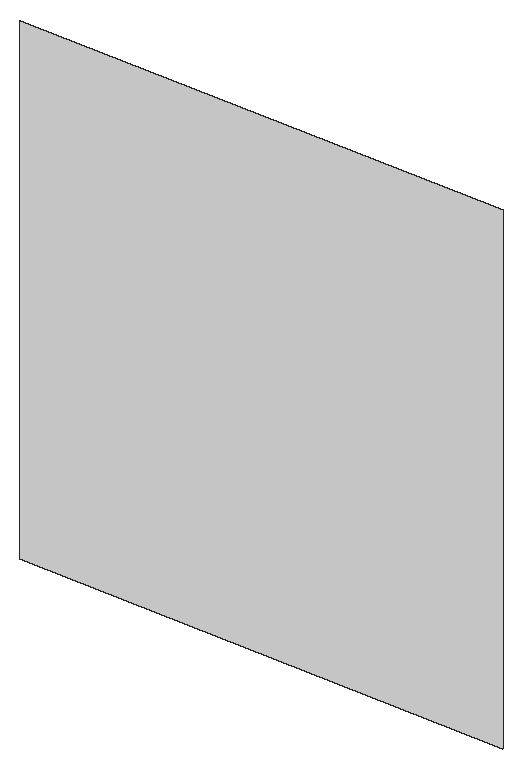
Revit family "PKNail Double Switch", category Electrical Fixtures, host Wall, Revit 2017
Family settings
  Host = Wall
  Maintain Annotation Orientation = No
  Round Connector Dimension = Use Diameter
  Part Type = Normal
  OmniClass Number = 23.80.50.11.14
  OmniClass Title = Switches
  Always vertical = Yes
  Cut with Voids When Loaded = No
  Shared = No
  Room Calculation Point = No
Parameters (values of type "Double Switch")
  Width = 0' - 4 1/2"
  PKNail Family Measure Location Centered = yes
  PKNail Family Instance Elevation [instance] = 3' - 10"
  PKNail Family Fixed Dimensions = "Width:Height"
  Label = "2"
  Height = 0' - 4 1/2"
  Material = Plastic - White
Reference planes (in)
  plane 1: y = 0
  plane 2 "Center (Left/Right)": x = 0
  plane 3 "Back": y = 3
  plane 4 "Left": x = -2.25
  plane 5 "Right": x = 2.25
  plane 6: z = 45.75
  plane 7: z = 50.25
  plane 8 "Center (Elevation)": z = 48
  plane 9: y = 3.1875
  plane 10: y = 3.25
  plane 11: z = 2
Forms (in)
  Blend 1, solid, material "Plastic - White" <- "Material"
    base sketch origin (0, 3, 0) x (1, 0, 0) y (0, 0, 1)
      loop
        line (2.25, 50.25) -> (-2.25, 50.25) -> (-2.25, 45.75) -> (2.25, 45.75) -> (2.25, 50.25)
    top sketch origin (0, 3, 0) x (1, 0, 0) y (0, 0, 1)
      loop
        line (2.0625, 50.0625) -> (-2.0625, 50.0625) -> (-2.0625, 45.9375) -> (2.0625, 45.9375) -> (2.0625, 50.0625)
    from 0 to -0.1875
Lines and regions (in)
  model lines, style "InvisibleLines"
    curve 1: line (0, 3, 45.75) -> (0, 3, 2)
Text (in)
  text "Placement Side" at (0, 40.15149, 123.01588), in view "Right"
  text "Placement Side" at (0, 47.49176, 140.59947), in view "Left"
Dimensions and locks (in)
  locked: plane 3 "Back" to host wall
  "Height": plane 6 to plane 7
  "Width": plane 5 "Right" to plane 4 "Left"
  equal spacing: plane 5 "Right", plane 2 "Center (Left/Right)", plane 4 "Left"
  equal spacing: plane 6, plane 8 "Center (Elevation)", plane 7
  locked: plane 3 "Back" to plane 9 at 0.1875
  locked: plane 9 to plane 10 at 0.0625
  "PKNail Family Instance Elevation": plane 11 to plane 8 "Center (Elevation)"
  aligned and locked: plane 6 to Blend 1 sketch curve
  aligned and locked: plane 5 "Right" to Blend 1 sketch curve
  aligned and locked: Blend 1 sketch curve to plane 7
  aligned and locked: plane 3 "Back" to nested 1
  aligned and locked: Blend 1 to curve 1
  aligned and locked: curve 1 to plane 2 "Center (Left/Right)"
Automatic sketch dimensions
  plane 4 "Left" to Blend 1 sketch curve = 0' - 0 3/16"
  Blend 1 sketch curve to plane 5 "Right" = 0' - 0 3/16"
  Blend 1 sketch curve to plane 6 = 0' - 0 3/16"
  plane 7 to Blend 1 sketch curve = 0' - 0 3/16"
  Blend 1 sketch curve to plane 4 "Left" = 0' - 0"
  curve 1 to plane 11 = 0' - 0"
Nested families (in)
  nested 1: "Switch Annotation w Label" at (-0.0036, 3, 0), type "Switch Annotation w Label"
Definition of nested family "Switch Annotation w Label"
  Parameters
    Label = "2"
  Reference planes (in)
    plane 1: y = 0
    plane 2: x = 0
  Lines and regions (in)
    detail lines
      curve 1: arc (0.02706, 0.17188, 0) -> (-0.02706, 0.17188, 0) -> (0, 0.125, 0) r 0.03125
      curve 2: arc (-0.0333, 0.06641, 0) -> (0.03449, 0.06664, 0) -> (0, 0.125, 0) r 0.03906
      curve 3: line (0, 0.04689, 0) -> (0, 0.00873, 0)
  Text (in)
    label "Label" at (0.08009, 0.07478, 0), shows "Label"
